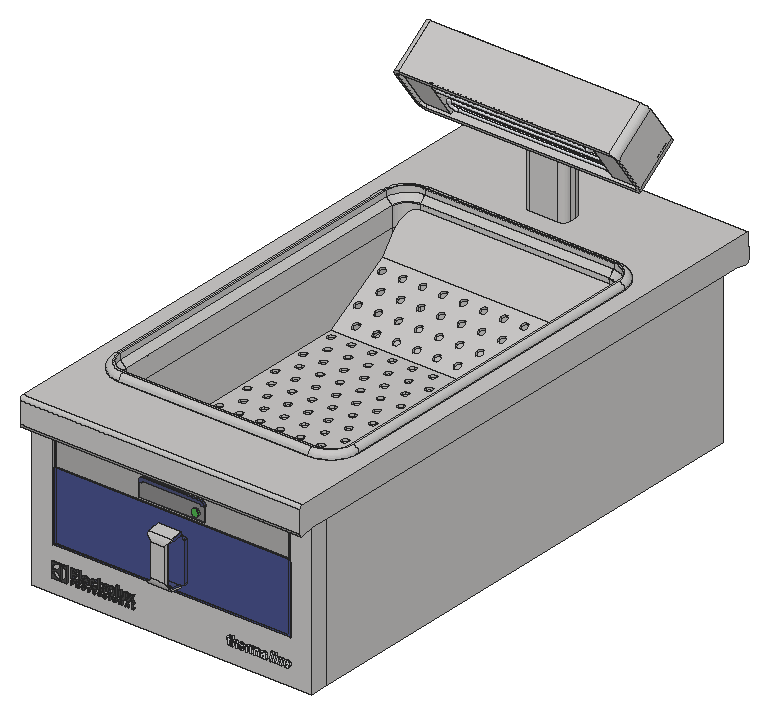
Revit family "QF_ELECTROLUXPROFESSIONAL_588094_MAYAAADOBO", category Attrezzature speciali, Revit 2020 (continued)
Lines and regions (mm)
  symbolic lines
    curve 366: circle (98.5, -488.15, 0) r 5 normal (0, 0, 1)
    curve 367: circle (127.5, -488.15, 0) r 5 normal (0, 0, 1)
    curve 368: circle (156.5, -488.15, 0) r 5 normal (0, 0, 1)
    curve 369: circle (185.5, -488.15, 0) r 5 normal (0, 0, 1)
    curve 370: circle (330.5, -488.15, 0) r 5 normal (0, 0, -1)
    curve 371: circle (301.5, -488.15, 0) r 5 normal (0, 0, -1)
    curve 372: circle (272.5, -488.15, 0) r 5 normal (0, 0, -1)
    curve 373: circle (243.5, -488.15, 0) r 5 normal (0, 0, -1)
    curve 374: circle (214.5, -488.15, 0) r 5 normal (0, 0, -1)
    curve 375: circle (55, -513.15, 0) r 5 normal (0, 0, 1)
    curve 376: circle (84, -513.15, 0) r 5 normal (0, 0, 1)
    curve 377: circle (113, -513.15, 0) r 5 normal (0, 0, 1)
    curve 378: circle (142, -513.15, 0) r 5 normal (0, 0, 1)
    curve 379: circle (171, -513.15, 0) r 5 normal (0, 0, 1)
    curve 380: circle (200, -513.15, 0) r 5 normal (0, 0, 1)
    curve 381: circle (345, -513.15, 0) r 5 normal (0, 0, -1)
    curve 382: circle (316, -513.15, 0) r 5 normal (0, 0, -1)
    curve 383: circle (287, -513.15, 0) r 5 normal (0, 0, -1)
    curve 384: circle (258, -513.15, 0) r 5 normal (0, 0, -1)
    curve 385: circle (229, -513.15, 0) r 5 normal (0, 0, -1)
    curve 386: circle (69.5, -538.15, 0) r 5 normal (0, 0, 1)
    curve 387: circle (98.5, -538.15, 0) r 5 normal (0, 0, 1)
    curve 388: circle (127.5, -538.15, 0) r 5 normal (0, 0, 1)
    curve 389: circle (156.5, -538.15, 0) r 5 normal (0, 0, 1)
    curve 390: circle (185.5, -538.15, 0) r 5 normal (0, 0, 1)
    curve 391: circle (330.5, -538.15, 0) r 5 normal (0, 0, -1)
    curve 392: circle (301.5, -538.15, 0) r 5 normal (0, 0, -1)
    curve 393: circle (272.5, -538.15, 0) r 5 normal (0, 0, -1)
    curve 394: circle (243.5, -538.15, 0) r 5 normal (0, 0, -1)
    curve 395: circle (214.5, -538.15, 0) r 5 normal (0, 0, -1)
Dimensions and locks
  plane 3 "LEFT" to plane 4 "RIGHT" = 400 mm
  plane 5 "FRONT" to plane 1 "BACK" = 800 mm
  plane 3 "LEFT" to plane 7 "Center (Left/Right)" to plane 4 "RIGHT" = 200 mm, 200 mm
  equal spacing: plane 5 "FRONT", plane 8, plane 1 "BACK"
  plane 6 "TOP" to level = 900 mm  (x2)
  plane 1 "BACK" to plane 9 = 150 mm
  plane 12 to plane 6 "TOP" = 38 mm
  plane 10 to plane 1 "BACK" = 65 mm
  locked: plane 5 "FRONT" to plane 11 at 60
  locked: plane 6 "TOP" to plane 13 "BaseTop" at 250
  locked: plane 14 to plane 5 "FRONT" at 45
  plane 15 "Camino" to plane 1 "BACK" = 50 mm
  plane 16 "EIx" to plane 4 "RIGHT" = 45 mm
  plane 17 to plane 6 "TOP" = 204 mm
  plane 22 to plane 1 "BACK" = 585 mm
  aligned and locked: level to plane 2
  aligned and locked: cut or joined group of Extrusion 2, Extrusion 3, Extrusion 6, Extrusion 7 to plane 3 "LEFT"
  aligned and locked: cut or joined group of Extrusion 2, Extrusion 3, Extrusion 6, Extrusion 7 to plane 4 "RIGHT"
  aligned and locked: nested 1 to plane 14
  aligned and locked: Extrusion 1 to plane 14
  aligned and locked: plane 3 "LEFT" to nested 1
Automatic sketch dimensions
  Extrusion 2 sketch curve to plane 5 "FRONT" = 0 mm
  Extrusion 2 sketch curve to plane 6 "TOP" = 0 mm
  Extrusion 2 sketch curve to plane 1 "BACK" = 0 mm
  Extrusion 2 sketch curve to Extrusion 2 sketch curve = 4 mm
  Extrusion 2 sketch curve to Extrusion 2 sketch curve = 0.695 mm
  Extrusion 2 sketch curve to plane 5 "FRONT" = 5 mm
  Extrusion 2 sketch curve to Extrusion 2 sketch curve = 15.305 mm
  plane 1 "BACK" to Extrusion 2 sketch curve = 20 mm
  plane 1 "BACK" to Extrusion 2 sketch curve = 4.695 mm
  plane 1 "BACK" to Extrusion 2 sketch curve = 4 mm
  Extrusion 2 sketch curve to Extrusion 2 sketch curve = 31 mm
  Extrusion 2 sketch curve to Extrusion 2 sketch curve = 36 mm
  Extrusion 2 sketch curve to Extrusion 2 sketch curve = 2.909 mm
  plane 20 "Serpentine" to Extrusion 21 sketch curve = 0 mm  (x4)
  Extrusion 21 sketch curve to plane 17 = 11.852 mm
  Extrusion 21 sketch curve to plane 17 = 18.405 mm
  Extrusion 21 sketch curve to plane 17 = 11.154 mm
  Extrusion 21 sketch curve to Extrusion 21 sketch curve = 3.381 mm  (x2)
  Extrusion 21 sketch curve to plane 17 = 28.235 mm
  Extrusion 21 sketch curve to plane 17 = 34.788 mm
  Extrusion 21 sketch curve to Extrusion 21 sketch curve = 7.25 mm
  plane 20 "Serpentine" to Extrusion 22 sketch curve = 0 mm  (x4)
  Extrusion 22 sketch curve to plane 17 = 11.852 mm
  Extrusion 22 sketch curve to plane 17 = 18.405 mm
  Extrusion 22 sketch curve to plane 17 = 11.154 mm
  Extrusion 22 sketch curve to Extrusion 22 sketch curve = 3.381 mm  (x2)
  Extrusion 22 sketch curve to plane 17 = 28.235 mm
  Extrusion 22 sketch curve to plane 17 = 34.788 mm
  Extrusion 22 sketch curve to Extrusion 22 sketch curve = 7.25 mm
  plane 20 "Serpentine" to Extrusion 23 sketch curve = 0 mm  (x4)
  Extrusion 23 sketch curve to plane 17 = 11.852 mm
  Extrusion 23 sketch curve to plane 17 = 18.405 mm
  Extrusion 23 sketch curve to plane 17 = 11.154 mm
  Extrusion 23 sketch curve to Extrusion 23 sketch curve = 3.381 mm  (x2)
  Extrusion 23 sketch curve to plane 17 = 28.235 mm
  Extrusion 23 sketch curve to plane 17 = 34.788 mm
  Extrusion 23 sketch curve to Extrusion 23 sketch curve = 7.25 mm
  curve 42 to curve 51 = 0 mm  (x2)
  curve 58 to curve 59 = 0 mm  (x2)
  curve 36 to curve 35 = 9.723 mm
  plane 10 to curve 7 = 21.455 mm
  curve 35 to curve 37 = 8.167 mm
  curve 37 to curve 32 = 7.111 mm
  curve 7 to curve 5 = 10 mm
  curve 8 to curve 9 = 10 mm
  curve 31 to curve 57 = 4.028 mm
  curve 37 to curve 48 = 22.111 mm
  curve 57 to curve 59 = 0.972 mm
  curve 50 to curve 38 = 0.067 mm
  curve 8 to curve 14 = 28 mm
  curve 13 to plane 7 "Center (Left/Right)" = 46 mm
  curve 13 to curve 19 = 8 mm
  plane 7 "Center (Left/Right)" to curve 22 = 38 mm
  curve 23 to curve 28 = 8 mm
  curve 30 to plane 16 "EIx" = 33 mm
  curve 55 to plane 16 "EIx" = 20.001 mm
  curve 49 to plane 16 "EIx" = 20 mm
  curve 55 to curve 54 = 0.001 mm
  curve 42 to curve 40 = 0.11 mm
  curve 54 to curve 56 = 0.972 mm
  curve 5 to plane 16 "EIx" = 5 mm
  curve 9 to plane 16 "EIx" = 5 mm
  curve 32 to plane 16 "EIx" = 5 mm
  plane 16 "EIx" to curve 45 = 1.886 mm
  plane 16 "EIx" to curve 11 = 5 mm
  curve 45 to curve 44 = 8.391 mm
  curve 42 to curve 40 = 7.998 mm
  curve 45 to plane 9 = 41.314 mm
  curve 58 to plane 9 = 40 mm
  curve 36 to curve 58 = 0 mm
  curve 55 to curve 56 = 1.314 mm
  curve 55 to curve 44 = 1.314 mm
  curve 59 to curve 32 = 3.186 mm
  curve 7 to curve 58 = 8.158 mm
  curve 11 to curve 54 = 8.158 mm
  plane 9 to curve 9 = 20.527 mm
  curve 9 to curve 11 = 5.736 mm
  plane 9 to curve 24 = 28.825 mm
  curve 10 to curve 28 = 2.563 mm
  plane 9 to curve 13 = 28.825 mm
  curve 28 to curve 30 = 19.441 mm
  curve 13 to curve 14 = 19.441 mm
  curve 17 to curve 22 = 0 mm
  plane 10 to curve 34 = 21.455 mm
  curve 6 to curve 5 = 5.736 mm
  curve 37 to curve 59 = 0.115 mm
  plane 16 "EIx" to curve 55 = 1.045 mm
  curve 37 to curve 59 = 0 mm
  curve 8 to curve 8 = 5.736 mm
  curve 23 to curve 20 = 7.97 mm
  curve 13 to curve 15 = 7.97 mm
  curve 25 to curve 29 = 7.97 mm
  curve 20 to curve 21 = 3.502 mm
  curve 29 to curve 26 = 3.502 mm
  curve 15 to curve 16 = 3.502 mm
  Extrusion 1 sketch curve to plane 4 "RIGHT" = 0 mm
  Extrusion 1 sketch curve to plane 3 "LEFT" = 0 mm
  Extrusion 1 sketch curve to plane 14 = 0 mm
  Extrusion 1 sketch curve to plane 15 "Camino" = 5 mm
  plane 1 "BACK" to curve 1 = 0 mm
  curve 1 to plane 4 "RIGHT" = 0 mm
  curve 3 to plane 3 "LEFT" = 0 mm
  plane 5 "FRONT" to curve 3 = 0 mm
  plane 16 "EIx" to Extrusion 3 sketch curve = 2.043 mm
  Extrusion 3 sketch curve to plane 16 "EIx" = 20 mm  (x2)
  Extrusion 3 sketch curve to plane 9 = 17.957 mm
  plane 3 "LEFT" to Extrusion 3 sketch curve = 65 mm  (x2)
  Extrusion 3 sketch curve to Extrusion 3 sketch curve = 22.043 mm
  Extrusion 4 sketch curve to plane 16 "EIx" = 0 mm
  Sweep 5 sketch curve to plane 9 = 0 mm
  plane 16 "EIx" to Sweep 5 sketch curve = 20 mm
  Sweep 5 sketch curve to plane 16 "EIx" = 20 mm  (x2)
  plane 3 "LEFT" to Sweep 5 sketch curve = 65 mm  (x2)
  plane 3 "LEFT" to Sweep 5 sketch curve = 25 mm
  Sweep 5 sketch curve to plane 6 "TOP" = 0 mm  (x2)
  profile plane to Sweep 5 sketch curve = 0 mm
  plane 6 "TOP" to Sweep 5 sketch curve = 8 mm
  Sweep 5 sketch curve to Sweep 5 sketch curve = 1.723 mm
  Sweep 5 sketch curve to Sweep 5 sketch curve = 8.282 mm
  Sweep 5 sketch curve to plane 6 "TOP" = 8.282 mm
  plane 16 "EIx" to Extrusion 6 sketch curve = 2.043 mm
  Extrusion 6 sketch curve to plane 16 "EIx" = 20 mm  (x2)
  plane 3 "LEFT" to Extrusion 6 sketch curve = 65 mm  (x2)
  Extrusion 6 sketch curve to plane 9 = 17.957 mm
  Extrusion 6 sketch curve to Extrusion 6 sketch curve = 22.043 mm
  plane 16 "EIx" to Extrusion 7 sketch curve = 12 mm
  Extrusion 7 sketch curve to plane 9 = 8 mm
  Extrusion 7 sketch curve to plane 16 "EIx" = 20 mm  (x2)
  plane 3 "LEFT" to Extrusion 7 sketch curve = 65 mm  (x2)
  Extrusion 7 sketch curve to Extrusion 7 sketch curve = 32 mm
  Extrusion 8 sketch curve to plane 18 "Fondo" = 0 mm
  Extrusion 8 sketch curve to plane 19 "Angle1" = 0 mm  (x2)
  Extrusion 8 sketch curve to plane 18 "Fondo" = 2 mm
  Extrusion 8 sketch curve to Extrusion 8 sketch curve = 0.536 mm  (x2)
  Extrusion 8 sketch curve to Extrusion 8 sketch curve = 1.337 mm  (x2)
  Extrusion 8 sketch curve to plane 6 "TOP" = 8.282 mm
  plane 18 "Fondo" to Extrusion 8 sketch curve = 53.072 mm
  Extrusion 8 sketch curve to plane 9 = 17.957 mm
  plane 18 "Fondo" to Extrusion 8 sketch curve = 51.337 mm
  Extrusion 8 sketch curve to Extrusion 8 sketch curve = 1.538 mm  (x2)
  Extrusion 8 sketch curve to plane 6 "TOP" = 18.171 mm
  Extrusion 8 sketch curve to Extrusion 8 sketch curve = 3.249 mm  (x2)
  Extrusion 9 sketch curve to plane 7 "Center (Left/Right)" = 0 mm  (x5)
  plane 7 "Center (Left/Right)" to Extrusion 9 sketch curve = 14.5 mm  (x5)
  Extrusion 9 sketch curve to plane 8 = 13.15 mm  (x11)
  Extrusion 9 sketch curve to Extrusion 9 sketch curve = 14.5 mm  (x80)
  Extrusion 9 sketch curve to plane 8 = 38.15 mm  (x10)
  Extrusion 9 sketch curve to plane 16 "EIx" = 24.5 mm  (x5)
  Extrusion 9 sketch curve to plane 16 "EIx" = 10 mm  (x5)
  Extrusion 9 sketch curve to plane 7 "Center (Left/Right)" = 14.5 mm  (x5)
  Extrusion 9 sketch curve to Extrusion 9 sketch curve = 25 mm  (x84)
  Extrusion 10 sketch curve to plane 7 "Center (Left/Right)" = 0 mm  (x2)
  plane 7 "Center (Left/Right)" to Extrusion 10 sketch curve = 14.5 mm  (x2)
  Extrusion 10 sketch curve to Extrusion 10 sketch curve = 14.5 mm  (x32)
  Extrusion 10 sketch curve to plane 16 "EIx" = 24.5 mm  (x2)
  Extrusion 10 sketch curve to plane 16 "EIx" = 10 mm  (x2)
  Extrusion 10 sketch curve to plane 7 "Center (Left/Right)" = 14.5 mm  (x2)
  Extrusion 10 sketch curve to Extrusion 10 sketch curve = 0 mm  (x10)
  Extrusion 10 sketch curve to Extrusion 10 sketch curve = 25 mm  (x31)
  Extrusion 11 sketch curve to plane 7 "Center (Left/Right)" = 0 mm  (x2)
  plane 7 "Center (Left/Right)" to Extrusion 11 sketch curve = 14.5 mm  (x2)
  Extrusion 11 sketch curve to Extrusion 11 sketch curve = 14.5 mm  (x32)
  Extrusion 11 sketch curve to plane 16 "EIx" = 24.5 mm  (x2)
  Extrusion 11 sketch curve to plane 16 "EIx" = 10 mm  (x2)
  Extrusion 11 sketch curve to plane 7 "Center (Left/Right)" = 14.5 mm  (x2)
  Extrusion 11 sketch curve to Extrusion 11 sketch curve = 0 mm  (x9)
  Extrusion 11 sketch curve to Extrusion 11 sketch curve = 25 mm  (x32)
  plane 7 "Center (Left/Right)" to Extrusion 12 sketch curve = 30 mm
  Extrusion 12 sketch curve to Extrusion 12 sketch curve = 10 mm  (x4)
  Extrusion 12 sketch curve to plane 7 "Center (Left/Right)" = 20 mm
  Extrusion 12 sketch curve to Extrusion 12 sketch curve = 0 mm
  plane 10 to Extrusion 12 sketch curve = 19.995 mm
  Extrusion 13 sketch curve to Extrusion 13 sketch curve = 0 mm  (x8)
  plane 21 "Serpentine90" to Extrusion 13 sketch curve = 0 mm
  Extrusion 13 sketch curve to plane 21 "Serpentine90" = 4 mm
  Extrusion 13 sketch curve to Extrusion 13 sketch curve = 6 mm  (x3)
  plane 3 "LEFT" to Extrusion 13 sketch curve = 50 mm
  Extrusion 13 sketch curve to Extrusion 13 sketch curve = 65 mm  (x2)
  Extrusion 13 sketch curve to plane 16 "EIx" = 5 mm
  Extrusion 14 sketch curve to plane 16 "EIx" = 39 mm
  Extrusion 14 sketch curve to plane 21 "Serpentine90" = 81 mm  (x2)
  Extrusion 14 sketch curve to Extrusion 14 sketch curve = 6 mm  (x2)
  Extrusion 14 sketch curve to plane 21 "Serpentine90" = 10 mm  (x2)
  Extrusion 14 sketch curve to plane 21 "Serpentine90" = 4 mm  (x2)
  plane 3 "LEFT" to Extrusion 14 sketch curve = 84 mm
  Extrusion 14 sketch curve to Extrusion 14 sketch curve = 34 mm
  Extrusion 14 sketch curve to plane 16 "EIx" = 5 mm
  plane 21 "Serpentine90" to Extrusion 15 sketch curve = 0 mm  (x2)
  plane 9 to Extrusion 15 sketch curve = 33.669 mm
  plane 10 to Extrusion 15 sketch curve = 19.377 mm
  Extrusion 16 sketch curve to Extrusion 16 sketch curve = 0 mm  (x8)
  plane 21 "Serpentine90" to Extrusion 16 sketch curve = 0 mm
  Extrusion 16 sketch curve to plane 21 "Serpentine90" = 4 mm
  Extrusion 16 sketch curve to Extrusion 16 sketch curve = 6 mm  (x3)
  plane 3 "LEFT" to Extrusion 16 sketch curve = 50 mm
  Extrusion 16 sketch curve to Extrusion 16 sketch curve = 65 mm  (x2)
  Extrusion 16 sketch curve to plane 16 "EIx" = 5 mm
  plane 3 "LEFT" to Extrusion 17 sketch curve = 50 mm
  Extrusion 17 sketch curve to plane 21 "Serpentine90" = 81 mm
  Extrusion 17 sketch curve to Extrusion 17 sketch curve = 6 mm  (x2)
  plane 16 "EIx" to Extrusion 17 sketch curve = 1 mm
  Extrusion 17 sketch curve to plane 21 "Serpentine90" = 10 mm  (x2)
  Extrusion 17 sketch curve to plane 21 "Serpentine90" = 4 mm
  Extrusion 18 sketch curve to Extrusion 18 sketch curve = 0 mm  (x8)
  plane 21 "Serpentine90" to Extrusion 18 sketch curve = 0 mm
  Extrusion 18 sketch curve to plane 21 "Serpentine90" = 4 mm
  Extrusion 18 sketch curve to Extrusion 18 sketch curve = 6 mm  (x3)
  plane 3 "LEFT" to Extrusion 18 sketch curve = 50 mm
  Extrusion 18 sketch curve to Extrusion 18 sketch curve = 65 mm  (x2)
  Extrusion 18 sketch curve to plane 16 "EIx" = 5 mm
  Sweep 19 sketch curve to plane 21 "Serpentine90" = 72.123 mm
  Sweep 19 sketch curve to Sweep 19 sketch curve = 10 mm
  Sweep 19 sketch curve to plane 16 "EIx" = 56 mm
  plane 3 "LEFT" to Sweep 19 sketch curve = 84 mm
  Sweep 19 sketch curve to Sweep 19 sketch curve = 0 mm
  profile plane to Sweep 19 sketch curve = 0 mm
  plane 20 "Serpentine" to Sweep 19 sketch curve = 61.931 mm
  Sweep 20 sketch curve to plane 21 "Serpentine90" = 37.123 mm
  Sweep 20 sketch curve to Sweep 20 sketch curve = 10 mm
  Sweep 20 sketch curve to plane 7 "Center (Left/Right)" = 99 mm
  Sweep 20 sketch curve to plane 16 "EIx" = 39 mm
  Sweep 20 sketch curve to Sweep 20 sketch curve = 0 mm
  Sweep 20 sketch curve to profile plane = 0 mm
  profile plane to Sweep 20 sketch curve = 59.479 mm
  curve 36 to curve 31 = 15 mm
  curve 53 to curve 37 = 17.82 mm
  curve 39 to curve 50 = 0 mm  (x2)
  plane 3 "LEFT" to curve 36 = 25 mm
  curve 52 to curve 53 = 91.924 mm
  curve 35 to plane 11 = 75 mm
  curve 42 to curve 47 = 114.744 mm
  curve 41 to curve 46 = 23.666 mm
  Extrusion 3 sketch curve to plane 11 = 75 mm
  Extrusion 4 sketch curve to plane 11 = 155 mm
  Sweep 5 sketch curve to plane 11 = 75 mm
  Extrusion 6 sketch curve to plane 11 = 75 mm
  Extrusion 7 sketch curve to plane 11 = 75 mm
  Extrusion 8 sketch curve to plane 8 = 150.256 mm
  Extrusion 8 sketch curve to plane 11 = 98.163 mm
  Extrusion 8 sketch curve to plane 11 = 52.957 mm
  radius of Extrusion 4 sketch curve = 10.1 mm
  radius of Extrusion 9 sketch curve = 5 mm  (x105)
  radius of Extrusion 10 sketch curve = 5 mm  (x42)
  radius of Extrusion 11 sketch curve = 5 mm  (x42)
  radius of Sweep 19 sketch curve = 2.5 mm
  radius of Sweep 20 sketch curve = 2.5 mm
Nested families
  nested 1: "Front_Panel_W400_1 Knob_Spie" at (102.376, -755, 0), type "Front_Panel_W400_1 Knob_Spie"
Connectors
  electrical at (355, -585, 640), driven by "Volts"
    settings: on Extrusion 4, index 1, voltage 230 V, apparent load 0 VA, apparent load phase1 0 VA, apparent load phase2 0 VA, apparent load phase3 0 VA, power factor 1, load classification "Other", number of poles 1, system type 30, power factor state 1, is connector primary yes, connector utility no, sub classification motor no, connector description "Electrical Connection"
Definition of nested family "Front_Panel_W400_1 Knob_Spie"
  Parameters
    Width = 400 mm
    Default Elevation = 0 mm
  Reference planes
    plane 1 "Center (Front/Back)": y = 0
    plane 2: z = 0
    plane 3 "Center (Left/Right)": x = 97.624
    plane 4 "Left": x = -102.376
    plane 5 "Right": x = 297.624
    plane 6: y = -45
    plane 7: y = -25
    plane 8: x = 267.624
    plane 9: x = -72.376
  Forms (mm)
    Extrusion 1, solid
      sketch origin (833.217, 829.203, -1.25) x (0, 1, 0) y (0, 0, 1)
        loop
          line (-854.203, 651.25) -> (-829.203, 651.25) -> (-829.203, 864.25) -> (-854.203, 864.25) -> (-854.203, 651.25)
      from -935.593 to -535.593
    Extrusion 2, void
      sketch origin (0, 0, 0) x (1, 0, 0) y (0, 0, 1)
        loop
          line (-72.376, 853.866) -> (-72.376, 711.866) -> (267.624, 711.866) -> (267.624, 853.866) -> (-72.376, 853.866)
      from 19.387 to 33.951
    Extrusion 3, solid
      sketch origin (145, -25, 1.199) x (0, 0, 1) y (-1, 0, 0)
        loop
          circle (824.337, 12.376) r 5
      from 0 to 1.7
  Cuts and joins
    Extrusion 2 cuts Extrusion 1
  Dimensions and locks
    equal spacing: plane 5 "Right", plane 3 "Center (Left/Right)", plane 4 "Left"
    "Width": plane 5 "Right" to plane 4 "Left"
    aligned and locked: cut or joined group of Extrusion 1, Extrusion 2 to plane 4 "Left"
    aligned and locked: plane 5 "Right" to cut or joined group of Extrusion 1, Extrusion 2
    aligned and locked: plane 9 to nested 1
    aligned and locked: plane 8 to nested 1
    aligned and locked: nested 4 to plane 9
    aligned and locked: cut or joined group of Extrusion 1, Extrusion 2 to plane 9
    aligned and locked: plane 8 to cut or joined group of Extrusion 1, Extrusion 2
  Automatic sketch dimensions
    level to Extrusion 2 sketch curve = 711.866 mm
    Extrusion 2 sketch curve to Extrusion 2 sketch curve = 142 mm
    Extrusion 1 sketch curve to plane 7 = 0 mm
    Extrusion 1 sketch curve to plane 1 "Center (Front/Back)" = 0 mm
    level to Extrusion 1 sketch curve = 650 mm
    Extrusion 1 sketch curve to Extrusion 1 sketch curve = 213 mm
    Extrusion 2 sketch curve to plane 5 "Right" = 30 mm
    Extrusion 2 sketch curve to plane 3 "Center (Left/Right)" = 170 mm
    plane 3 "Center (Left/Right)" to Extrusion 3 sketch curve = 35 mm
    level to Extrusion 3 sketch curve = 825.536 mm
    radius of Extrusion 3 sketch curve = 5 mm
  Nested families
    nested 1: "Front glass control panel W340_1 Knob" at (97.624, 280.644, 2.752), type "Front glass control panel W340_1 Knob"
    nested 2: "Range Control Handle" at (97.624, -28.137, -209.113) x (-1, 0, 0) z (0, 0, 1), type ""
    nested 3: "ELX_ThermaLine_Small" at (219.031, -25, 679.426) x (1, 0, 0) z (0, -1, 0), type "ELX_ThermaLine_Small"
      with Show Logo yes, Material_Logo none
    nested 4: "ELX_Professional_Logo_Small" at (-12.89, -25, 681.659) x (1, 0, 0) z (0, -1, 0), type "ELX_Professional_Logo_Small"
      with Show Logo yes, Material_Logo none
  Definition of nested family "Front glass control panel W340_1 Knob"
    Parameters
      Default Elevation = 0 mm
    Reference planes
      plane 1 "Center (Front/Back)": y = 0
      plane 2: z = 0
      plane 3 "Center (Left/Right)": x = 0
    Forms (mm)
      Extrusion 1, solid
        sketch origin (378.286, 0, 0.617) x (1, 0, 0) y (0, 0, 1)
          loop
            line (-548.286, 806.791) -> (-548.286, 708.497) -> (-208.286, 708.497) -> (-208.286, 806.791) -> (-548.286, 806.791)
        from 300.031 to 304.8
      Extrusion 2, solid
        sketch origin (378.286, 0, 0.617) x (1, 0, 0) y (0, 0, 1)
          loop
            line (-548.286, 850.497) -> (-548.286, 806.791) -> (-208.286, 806.791) -> (-208.286, 850.497) -> (-548.286, 850.497)
        from 300.031 to 304.8
      Extrusion 3, void
        sketch origin (378.286, 0, 0.617) x (1, 0, 0) y (0, 0, 1)
          loop
            line (-545.628, 847.565) -> (-545.628, 710.699) -> (-211.196, 710.699) -> (-211.196, 847.565) -> (-545.628, 847.565)
        from 303.697 to 304.8
      Extrusion 4, solid
        sketch origin (308.309, 1.101, -0.633) x (1, 0, 0) y (0, 0, 1)
          loop
            line (-261.431, 812.62) -> (-261.431, 834.177) -> (-266.24, 834.177) -> (-268.039, 835.977) -> (-348.469, 835.977) -> (-350.269, 834.177) -> (-355.186, 834.177) -> (-355.186, 812.62) -> (-261.431, 812.62)
        from 304.798 to 306.745
      Extrusion 5, solid
        sketch origin (308.309, 1.101, -0.633) x (1, 0, 0) y (0, 0, 1)
          loop
            line (-350.269, 834.177) -> (-348.469, 835.977) -> (-268.039, 835.977) -> (-266.24, 834.177) -> (-261.529, 834.177)
            arc (-261.529, 834.177) -> (-262.706, 838.752) -> (-266.98, 840.763) r 5.549
            line (-266.98, 840.763) -> (-349.686, 840.763)
            arc (-349.686, 840.763) -> (-353.942, 838.747) -> (-355.078, 834.177) r 5.5
            line (-355.078, 834.177) -> (-350.269, 834.177)
        from 304.798 to 306.745
    Cuts and joins
      Extrusion 3 cuts Extrusion 1
      Extrusion 3 cuts Extrusion 2
    Dimensions and locks
      equal spacing: cut or joined group of Extrusion 2, Extrusion 3, plane 3 "Center (Left/Right)", cut or joined group of Extrusion 2, Extrusion 3
      cut or joined group of Extrusion 2, Extrusion 3 to cut or joined group of Extrusion 2, Extrusion 3 = 340 mm
      aligned and locked: Extrusion 1 to Extrusion 2
      aligned and locked: Extrusion 5 to Extrusion 4
    Automatic sketch dimensions
      Extrusion 1 sketch curve to plane 3 "Center (Left/Right)" = 170 mm
      plane 3 "Center (Left/Right)" to Extrusion 1 sketch curve = 170 mm
      level to Extrusion 1 sketch curve = 709.114 mm
      Extrusion 1 sketch curve to Extrusion 1 sketch curve = 98.294 mm
      Extrusion 2 sketch curve to plane 3 "Center (Left/Right)" = 170 mm
      plane 3 "Center (Left/Right)" to Extrusion 2 sketch curve = 170 mm
      level to Extrusion 2 sketch curve = 807.408 mm
      Extrusion 2 sketch curve to Extrusion 2 sketch curve = 43.706 mm
      Extrusion 3 sketch curve to plane 3 "Center (Left/Right)" = 167.342 mm
      plane 3 "Center (Left/Right)" to Extrusion 3 sketch curve = 167.091 mm
      level to Extrusion 3 sketch curve = 711.316 mm
      Extrusion 3 sketch curve to Extrusion 3 sketch curve = 136.866 mm
      Extrusion 4 sketch curve to plane 3 "Center (Left/Right)" = 46.877 mm
      Extrusion 4 sketch curve to Extrusion 4 sketch curve = 4.917 mm
      Extrusion 4 sketch curve to Extrusion 4 sketch curve = 1.8 mm  (x3)
      plane 3 "Center (Left/Right)" to Extrusion 4 sketch curve = 40.269 mm
      Extrusion 4 sketch curve to Extrusion 4 sketch curve = 4.809 mm
      level to Extrusion 4 sketch curve = 811.987 mm
      Extrusion 4 sketch curve to Extrusion 4 sketch curve = 21.557 mm  (x2)
      Extrusion 5 sketch curve to plane 3 "Center (Left/Right)" = 46.769 mm
      Extrusion 5 sketch curve to Extrusion 5 sketch curve = 4.809 mm
      Extrusion 5 sketch curve to Extrusion 5 sketch curve = 0.583 mm
      Extrusion 5 sketch curve to Extrusion 5 sketch curve = 1.217 mm
      plane 3 "Center (Left/Right)" to Extrusion 5 sketch curve = 40.269 mm
      Extrusion 5 sketch curve to Extrusion 5 sketch curve = 1.059 mm
      Extrusion 5 sketch curve to Extrusion 5 sketch curve = 0.741 mm
      Extrusion 5 sketch curve to Extrusion 5 sketch curve = 4.711 mm
      level to Extrusion 5 sketch curve = 833.543 mm
      Extrusion 5 sketch curve to Extrusion 5 sketch curve = 0 mm
      Extrusion 5 sketch curve to Extrusion 5 sketch curve = 1.037 mm
      Extrusion 5 sketch curve to Extrusion 5 sketch curve = 0.714 mm
  Definition of nested family "Range Control Handle"
    Parameters
      Default Elevation = 0 mm
    Reference planes
      plane 1 "Center (Front/Back)": y = 0
      plane 2: z = 0
      plane 3 "Center (Left/Right)": x = 0
      plane 4: z = 971.092
      plane 5: y = -16.9
    Forms (mm)
      Extrusion 1, solid
        sketch origin (-746.28, 380.497, 208.931) x (-1, 0, 0) y (0, 0, 1)
          loop
            line (-770.101, 786.798) -> (-770.101, 731.649)
            arc (-770.101, 731.649) -> (-769.759, 730.563) -> (-768.855, 729.87) r 1.893
            line (-768.855, 729.87) -> (-763.474, 727.911) -> (-729.81, 727.911) -> (-724.428, 729.87)
            arc (-724.428, 729.87) -> (-723.525, 730.563) -> (-723.183, 731.649) r 1.893
            line (-723.183, 731.649) -> (-723.183, 786.798)
            arc (-723.183, 786.798) -> (-723.529, 787.894) -> (-724.44, 788.593) r 1.91
            line (-724.44, 788.593) -> (-729.683, 790.819) -> (-763.601, 790.819) -> (-768.844, 788.593)
            arc (-768.844, 788.593) -> (-769.755, 787.894) -> (-770.101, 786.798) r 1.91
        from -382.35 to -378.852
      Sweep 2, solid
        path origin (-746.788, 380.496, 208.091) x (0, -1, 0) y (0, 0, 1)
          loop
            line (379.775, 793.281) -> (395.661, 791.048)
            arc (395.661, 791.048) -> (397.781, 787.377) -> (398.517, 783.202) r 12.207
            line (398.517, 783.202) -> (398.517, 737.368)
            arc (398.517, 737.368) -> (397.781, 733.193) -> (395.661, 729.522) r 12.207
            line (395.661, 729.522) -> (379.775, 727.289)
        profile origin (-746.788, -7.222, 1000.256) x (0, -0.139173, 0.990268) y (-1, 0, 0)
          loop
            line (0.782, -763.123) -> (0.782, -730.907) -> (-1.322, -730.907) -> (-1.322, -763.123) -> (0.782, -763.123)
      Sweep 3, solid
        path origin (-746.788, 380.715, 207.832) x (0, -1, 0) y (0, 0, 1)
          loop
            line (380.478, 795.442) -> (397.218, 793.09)
            arc (397.218, 793.09) -> (399.929, 788.473) -> (400.871, 783.202) r 15.207
            line (400.871, 783.202) -> (400.871, 737.584)
            arc (400.871, 737.584) -> (399.914, 732.274) -> (397.164, 727.633) r 15.207
            line (397.164, 727.633) -> (380.601, 725.305)
        profile origin (-746.788, -8.132, 1002.099) x (0, -0.139173, 0.990268) y (-1, 0, 0)
          loop
            line (0.782, -763.123) -> (0.782, -730.907) -> (-1.322, -730.907) -> (-1.322, -763.123) -> (0.782, -763.123)
      Extrusion 4, void
        sketch origin (889.253, 220.666, 207.993) x (1, 0, 0) y (0, 0, 1)
          loop
            line (-943.038, 816.854) -> (-943.038, 703.686) -> (-899.466, 734.196) -> (-899.466, 786.344) -> (-943.038, 816.854)
        from 230.636 to 242.25
      Extrusion 5, void
        sketch origin (-888.8, 220.666, 207.993) x (-1, 0, 0) y (0, 0, -1)
          loop
            line (-943.038, -816.854) -> (-899.466, -786.344) -> (-899.466, -734.196) -> (-943.038, -703.686) -> (-943.038, -816.854)
        from 230.636 to 242.25
      Extrusion 6, solid
        sketch origin (0, 0, 0) x (1, 0, 0) y (0, 0, 1)
          loop
            circle (0, 971.092) r 7.736
        from -3.137 to -1.645
    Cuts and joins
      Extrusion 4, Extrusion 5 cuts Sweep 3
      Extrusion 4, Extrusion 5 cuts Sweep 2
      joined: Extrusion 1, Extrusion 6
    Lines and regions (mm)
      symbolic lines
        curve 1: line (16.334, -16.9, 0) -> (16.334, -19.227, 0)
        curve 2: spline (16.334, -19.227, 0) -> (15.87, -19.385, 0) -> (15.404, -19.536, 0) -> (14.936, -19.678, 0) -> (14.466, -19.813, 0) -> (13.995, -19.94, 0) -> (13.523, -20.059, 0) -> (13.049, -20.171, 0) -> (12.575, -20.274, 0) -> (12.099, -20.37, 0) -> (11.622, -20.458, 0) -> (11.144, -20.537, 0) -> (10.666, -20.609, 0)
        curve 3: line (10.666, -16.9, 0) -> (10.666, -20.938, 0)
        curve 4: line (-10.213, -20.938, 0) -> (10.666, -20.938, 0)
        curve 5: line (-10.213, -20.938, 0) -> (-10.213, -16.9, 0)
        curve 6: spline (-10.213, -20.609, 0) -> (-10.691, -20.537, 0) -> (-11.169, -20.458, 0) -> (-11.646, -20.37, 0) -> (-12.122, -20.274, 0) -> (-12.597, -20.171, 0) -> (-13.07, -20.059, 0) -> (-13.542, -19.94, 0) -> (-14.013, -19.813, 0) -> (-14.483, -19.678, 0) -> (-14.951, -19.536, 0) -> (-15.417, -19.385, 0) -> (-15.881, -19.227, 0)
        curve 7: line (-15.881, -19.227, 0) -> (-15.881, -16.9, 0)
  Definition of nested family "ELX_ThermaLine_Small"
    Parameters
      Show Logo [instance] = yes
      Material_Logo [instance] = none
      Default Elevation = 0 mm
    Reference planes
      plane 1 "Centro (Fronte/Retro)": y = 0
      plane 2: z = 0
      plane 3 "Centro (Sinistra/Destra)": x = 0
    Forms (mm)
      Extrusion 1, solid
        sketch origin (0, 0, 0) x (1, 0, 0) y (0, 1, 0)
          loop
            line (-1219.2, 1219.2) -> (-1219.2, -1219.2) -> (1219.2, -1219.2) -> (1219.2, 1219.2) -> (-1219.2, 1219.2)
        from 0 to -304.8
      Extrusion 2, solid
        sketch origin (0, 0, 0) x (1, 0, 0) y (0, 1, 0)
          loop
            line (-37.494, 1.229) -> (-35.908, 1.229) -> (-35.908, 3.066) -> (-37.494, 3.066) -> (-37.494, 6.221) -> (-39.867, 4.881) -> (-39.867, 3.066) -> (-40.969, 3.066) -> (-40.969, 1.229) -> (-39.867, 1.229) -> (-39.867, -3.407)
            arc (-39.867, -3.407) -> (-38.982, -5.513) -> (-36.751, -6.001) r 2.478
            line (-36.751, -6.001) -> (-35.638, -5.7) -> (-35.9, -3.835) -> (-36.661, -4.039)
            arc (-36.661, -4.039) -> (-37.236, -3.924) -> (-37.494, -3.399) r 0.662
            line (-37.494, -3.399) -> (-37.494, 1.229)
          loop
            line (-34.242, 6.539) -> (-34.242, -5.848) -> (-31.854, -5.848) -> (-31.854, -0.078)
            arc (-31.854, -0.078) -> (-30.939, 1.249) -> (-29.33, 1.367) r 1.866
            arc (-29.33, 1.367) -> (-28.695, 0.768) -> (-28.461, -0.073) r 1.627
            line (-28.461, -0.073) -> (-28.461, -5.848) -> (-26.086, -5.848) -> (-26.064, -0.46)
            arc (-26.064, -0.46) -> (-26.261, 0.932) -> (-26.786, 2.237) r 5.825
            arc (-26.786, 2.237) -> (-29.381, 3.264) -> (-31.854, 1.971) r 3.353
            line (-31.854, 1.971) -> (-31.854, 6.539) -> (-34.242, 6.539)
          loop
            arc (-18.398, -0.598) -> (-18.893, 0.879) -> (-20.326, 1.487) r 1.897
            arc (-20.326, 1.487) -> (-21.461, 0.708) -> (-21.897, -0.598) r 2.164
            line (-21.897, -0.598) -> (-18.398, -0.598)
          loop
            arc (-16.021, -2.044) -> (-16.754, 1.227) -> (-19.444, 3.226) r 4.814
            arc (-19.444, 3.226) -> (-22.137, 2.788) -> (-23.943, 0.743) r 4.054
            arc (-23.943, 0.743) -> (-24.382, -1.249) -> (-24.162, -3.276) r 6.289
            arc (-24.162, -3.276) -> (-23.302, -4.71) -> (-21.958, -5.705) r 4.28
            arc (-21.958, -5.705) -> (-18.558, -5.814) -> (-16.152, -3.409) r 4.28
            line (-16.152, -3.409) -> (-18.5, -2.995)
            arc (-18.5, -2.995) -> (-19.273, -3.994) -> (-20.533, -4.076) r 1.536
            arc (-20.533, -4.076) -> (-21.56, -3.281) -> (-21.958, -2.044) r 2.197
            line (-21.958, -2.044) -> (-16.021, -2.044)
          loop
            line (-14.165, -5.848) -> (-11.819, -5.848) -> (-11.819, -2.138)
            arc (-11.819, -2.138) -> (-11.787, -1.156) -> (-11.637, -0.185) r 8.18
            arc (-11.637, -0.185) -> (-10.644, 0.972) -> (-9.132, 0.776) r 1.603
            line (-9.132, 0.776) -> (-8.419, 2.846)
            arc (-8.419, 2.846) -> (-10.432, 3.118) -> (-11.994, 1.821) r 2.527
            line (-11.994, 1.821) -> (-11.994, 3.094) -> (-14.165, 3.094) -> (-14.165, -5.848)
          loop
            line (-7.579, 3.094) -> (-7.579, -5.848) -> (-5.178, -5.848) -> (-5.178, -0.756)
            arc (-5.178, -0.756) -> (-4.727, 0.679) -> (-3.417, 1.419) r 2.05
            arc (-3.417, 1.419) -> (-2.499, 0.908) -> (-2.155, -0.085) r 1.471
            line (-2.155, -0.085) -> (-2.155, -5.848) -> (0.23, -5.848) -> (0.23, -1.001)
            arc (0.23, -1.001) -> (0.47, 0.127) -> (1.148, 1.061) r 2.775
            arc (1.148, 1.061) -> (2.225, 1.329) -> (3.05, 0.587) r 1.182
            arc (3.05, 0.587) -> (3.199, -0.019) -> (3.214, -0.642) r 2.894
            line (3.214, -0.642) -> (3.214, -5.848) -> (5.601, -5.848) -> (5.601, 0.261)
            arc (5.601, 0.261) -> (4.87, 2.263) -> (2.976, 3.241) r 2.932
            arc (2.976, 3.241) -> (1.284, 2.973) -> (-0.047, 1.896) r 3.309
            arc (-0.047, 1.896) -> (-1.116, 2.865) -> (-2.506, 3.258) r 3.16
            arc (-2.506, 3.258) -> (-4.105, 2.942) -> (-5.376, 1.92) r 3.419
            line (-5.376, 1.92) -> (-5.376, 3.094) -> (-7.579, 3.094)
          loop
            line (7.583, 0.738) -> (9.702, 0.364)
            arc (9.702, 0.364) -> (11.441, 1.492) -> (12.855, -0.023) r 1.613
            line (12.855, -0.023) -> (9.782, -0.789)
            arc (9.782, -0.789) -> (8.559, -1.346) -> (7.617, -2.305) r 3.687
            arc (7.617, -2.305) -> (7.499, -3.681) -> (7.901, -5.003) r 3.651
            arc (7.901, -5.003) -> (9.107, -5.766) -> (10.515, -6.006) r 3.635
            arc (10.515, -6.006) -> (11.898, -5.697) -> (13.067, -4.895) r 3.734
            line (13.067, -4.895) -> (13.376, -5.848) -> (15.75, -5.848) -> (15.212, -4.193) -> (15.212, 0.38)
            arc (15.212, 0.38) -> (14.897, 1.849) -> (13.818, 2.895) r 2.585
            arc (13.818, 2.895) -> (11.792, 3.442) -> (9.719, 3.11) r 5.005
            arc (9.719, 3.11) -> (8.369, 2.178) -> (7.583, 0.738) r 3.54
          loop
            line (19.723, -5.848) -> (22.233, -5.848) -> (24.854, 6.484) -> (22.345, 6.484) -> (19.723, -5.848)
          loop
            line (24.583, -5.848) -> (26.953, -5.848) -> (28.848, 3.066) -> (26.478, 3.066) -> (24.583, -5.848)
          loop
            line (27.204, 6.484) -> (26.741, 4.305) -> (29.111, 4.305) -> (29.575, 6.484) -> (27.204, 6.484)
          loop
            line (29.355, -5.848) -> (31.849, -5.848) -> (33.098, 0.028)
            arc (33.098, 0.028) -> (34.169, 1.306) -> (35.832, 1.422) r 2.132
            arc (35.832, 1.422) -> (36.324, 0.752) -> (36.383, -0.078) r 1.5
            line (36.383, -0.078) -> (35.157, -5.848) -> (37.536, -5.848) -> (38.936, 0.738)
            arc (38.936, 0.738) -> (38.775, 2.091) -> (37.825, 3.066) r 2.118
            arc (37.825, 3.066) -> (35.392, 3.175) -> (33.295, 1.937) r 4.271
            line (33.295, 1.937) -> (33.535, 3.066) -> (31.25, 3.066) -> (29.355, -5.848)
          loop
            line (42.792, -0.64) -> (46.589, -0.64)
            arc (46.589, -0.64) -> (46.639, 0.124) -> (46.327, 0.823) r 1.589
            arc (46.327, 0.823) -> (45.117, 1.521) -> (43.762, 1.183) r 1.865
            arc (43.762, 1.183) -> (43.141, 0.344) -> (42.792, -0.64) r 3.538
          loop
            line (42.565, -2.138) -> (48.593, -2.138)
            arc (48.593, -2.138) -> (48.58, 0.597) -> (46.983, 2.818) r 4.494
            arc (46.983, 2.818) -> (44.191, 3.28) -> (41.725, 1.891) r 4.26
            arc (41.725, 1.891) -> (40.503, -0.3) -> (40.284, -2.799) r 6.003
            arc (40.284, -2.799) -> (40.959, -4.468) -> (42.377, -5.576) r 3.482
            arc (42.377, -5.576) -> (44.265, -5.961) -> (46.152, -5.576) r 4.823
            arc (46.152, -5.576) -> (47.432, -4.731) -> (48.328, -3.485) r 4.245
            line (48.328, -3.485) -> (46.168, -3.105)
            arc (46.168, -3.105) -> (45.214, -4.072) -> (43.859, -4.181) r 1.953
            arc (43.859, -4.181) -> (42.821, -3.408) -> (42.565, -2.138) r 1.81
          loop
            line (12.868, -1.553) -> (10.216, -2.214)
            arc (10.216, -2.214) -> (9.747, -3.136) -> (10.216, -4.058) r 1.14
            arc (10.216, -4.058) -> (11.537, -4.249) -> (12.614, -3.46) r 1.763
            arc (12.614, -3.46) -> (12.858, -2.522) -> (12.868, -1.553) r 3.97
        from 0 to 1.6
    Dimensions and locks
      aligned and locked: plane 2 to Extrusion 1
      aligned and locked: level to Extrusion 1
  Definition of nested family "ELX_Professional_Logo_Small"
    Parameters
      Show Logo [instance] = yes
      Material_Logo [instance] = none
      Default Elevation = 0 mm
    Reference planes
      plane 1 "Centro (Fronte/Retro)": y = 0
      plane 2: z = 0
      plane 3 "Centro (Sinistra/Destra)": x = 0
    Forms (mm)
      Extrusion 1, solid
        sketch origin (0, 0, 0) x (1, 0, 0) y (0, 1, 0)
          loop
            line (-1219.2, 1219.2) -> (-1219.2, -1219.2) -> (1219.2, -1219.2) -> (1219.2, 1219.2) -> (-1219.2, 1219.2)
        from 0 to -304.8
      Extrusion 2, solid, material <- "Material_Logo"
        sketch origin (15.5, 0, 0) x (1, 0, 0) y (0, 1, 0)
          loop
            spline (-42.99, -1.24) -> (-43.195, -1.231) -> (-43.415, -1.203) -> (-43.642, -1.152) -> (-43.87, -1.074) -> (-44.095, -0.966) -> (-44.309, -0.825) -> (-44.506, -0.647) -> (-44.681, -0.429) -> (-44.828, -0.167) -> (-44.94, 0.142) -> (-45.011, 0.501) -> (-45.037, 0.915)
            line (-45.037, 0.915) -> (-45.037, 2.748) -> (-38.984, 2.748) -> (-38.984, 5.086) -> (-45.038, 5.086) -> (-45.038, 8.489) -> (-38.599, 8.489) -> (-38.599, 10.82) -> (-47.515, 10.82) -> (-47.515, 1.021)
            spline (-47.515, 1.021) -> (-47.493, 0.418) -> (-47.425, -0.15) -> (-47.311, -0.682) -> (-47.15, -1.175) -> (-46.939, -1.628) -> (-46.678, -2.038) -> (-46.365, -2.404) -> (-46, -2.723) -> (-45.58, -2.995) -> (-45.105, -3.216) -> (-44.573, -3.385) -> (-43.983, -3.499)
            line (-43.983, -3.499) -> (-43.01, -3.569) -> (-38.426, -3.569) -> (-38.426, -1.24) -> (-42.99, -1.24)
          loop
            line (-36.666, 4.021) -> (-36.666, -3.573) -> (-34.188, -3.573) -> (-34.188, 10.824) -> (-36.666, 10.824) -> (-36.666, 4.021)
          loop
            spline (-21.915, 1.897) -> (-21.957, 2.615) -> (-22.082, 3.303) -> (-22.285, 3.955) -> (-22.563, 4.564) -> (-22.913, 5.124) -> (-23.331, 5.629) -> (-23.814, 6.074) -> (-24.359, 6.451) -> (-24.961, 6.755) -> (-25.618, 6.98) -> (-26.326, 7.119) -> (-27.081, 7.167)
            spline (-27.081, 7.167) -> (-27.853, 7.122) -> (-28.586, 6.99) -> (-29.275, 6.774) -> (-29.915, 6.478) -> (-30.5, 6.104) -> (-31.024, 5.657) -> (-31.483, 5.138) -> (-31.871, 4.553) -> (-32.182, 3.904) -> (-32.411, 3.194) -> (-32.552, 2.427) -> (-32.6, 1.606)
            spline (-32.6, 1.606) -> (-32.553, 0.805) -> (-32.416, 0.057) -> (-32.193, -0.637) -> (-31.887, -1.271) -> (-31.504, -1.843) -> (-31.048, -2.35) -> (-30.523, -2.788) -> (-29.934, -3.154) -> (-29.284, -3.444) -> (-28.579, -3.656) -> (-27.822, -3.785) -> (-27.019, -3.829)
            spline (-27.019, -3.829) -> (-26.627, -3.82) -> (-26.239, -3.79) -> (-25.856, -3.739) -> (-25.477, -3.663) -> (-25.103, -3.562) -> (-24.734, -3.432) -> (-24.369, -3.273) -> (-24.01, -3.082) -> (-23.655, -2.858) -> (-23.305, -2.597) -> (-22.96, -2.299) -> (-22.621, -1.962)
            line (-22.621, -1.962) -> (-24.114, -0.509)
            spline (-24.114, -0.509) -> (-24.311, -0.699) -> (-24.509, -0.872) -> (-24.71, -1.03) -> (-24.915, -1.172) -> (-25.126, -1.297) -> (-25.346, -1.407) -> (-25.576, -1.5) -> (-25.817, -1.576) -> (-26.072, -1.636) -> (-26.342, -1.678) -> (-26.629, -1.704) -> (-26.936, -1.713)
            spline (-26.936, -1.713) -> (-27.384, -1.691) -> (-27.805, -1.625) -> (-28.196, -1.518) -> (-28.556, -1.372) -> (-28.882, -1.187) -> (-29.174, -0.966) -> (-29.429, -0.71) -> (-29.645, -0.422) -> (-29.821, -0.102) -> (-29.955, 0.247) -> (-30.045, 0.623) -> (-30.089, 1.026)
            line (-30.089, 1.026) -> (-21.956, 1.026) -> (-21.915, 1.897)
          loop
            spline (-24.446, 2.769) -> (-24.47, 3.075) -> (-24.54, 3.37) -> (-24.654, 3.65) -> (-24.807, 3.913) -> (-24.996, 4.156) -> (-25.219, 4.376) -> (-25.472, 4.57) -> (-25.753, 4.736) -> (-26.057, 4.869) -> (-26.382, 4.968) -> (-26.724, 5.03) -> (-27.081, 5.051)
            spline (-27.081, 5.051) -> (-27.464, 5.03) -> (-27.832, 4.97) -> (-28.183, 4.872) -> (-28.513, 4.74) -> (-28.819, 4.577) -> (-29.099, 4.384) -> (-29.347, 4.165) -> (-29.563, 3.923) -> (-29.742, 3.659) -> (-29.881, 3.377) -> (-29.977, 3.079) -> (-30.027, 2.769)
            line (-30.027, 2.769) -> (-24.446, 2.769)
          loop
            spline (-18.167, 1.669) -> (-18.138, 2.13) -> (-18.055, 2.567) -> (-17.921, 2.978) -> (-17.739, 3.358) -> (-17.512, 3.705) -> (-17.243, 4.016) -> (-16.937, 4.287) -> (-16.596, 4.517) -> (-16.223, 4.7) -> (-15.823, 4.835) -> (-15.398, 4.919) -> (-14.951, 4.947)
            spline (-14.951, 4.947) -> (-14.677, 4.938) -> (-14.414, 4.913) -> (-14.162, 4.871) -> (-13.921, 4.812) -> (-13.69, 4.738) -> (-13.467, 4.649) -> (-13.254, 4.544) -> (-13.048, 4.424) -> (-12.85, 4.291) -> (-12.659, 4.143) -> (-12.474, 3.981) -> (-12.295, 3.806)
            line (-12.295, 3.806) -> (-10.76, 5.403)
            spline (-10.76, 5.403) -> (-11.065, 5.709) -> (-11.38, 5.984) -> (-11.703, 6.228) -> (-12.035, 6.443) -> (-12.375, 6.63) -> (-12.723, 6.788) -> (-13.078, 6.92) -> (-13.44, 7.026) -> (-13.809, 7.107) -> (-14.184, 7.164) -> (-14.564, 7.198) -> (-14.951, 7.209)
            spline (-14.951, 7.209) -> (-15.725, 7.161) -> (-16.467, 7.02) -> (-17.169, 6.792) -> (-17.826, 6.482) -> (-18.43, 6.096) -> (-18.976, 5.637) -> (-19.455, 5.112) -> (-19.862, 4.525) -> (-20.19, 3.882) -> (-20.433, 3.189) -> (-20.584, 2.449) -> (-20.635, 1.669)
            spline (-20.635, 1.669) -> (-20.584, 0.889) -> (-20.433, 0.149) -> (-20.19, -0.545) -> (-19.862, -1.187) -> (-19.455, -1.774) -> (-18.976, -2.299) -> (-18.43, -2.758) -> (-17.826, -3.145) -> (-17.169, -3.454) -> (-16.467, -3.682) -> (-15.725, -3.823) -> (-14.951, -3.871)
            spline (-14.951, -3.871) -> (-14.564, -3.86) -> (-14.184, -3.826) -> (-13.809, -3.77) -> (-13.44, -3.689) -> (-13.078, -3.583) -> (-12.723, -3.451) -> (-12.375, -3.292) -> (-12.035, -3.105) -> (-11.703, -2.89) -> (-11.38, -2.646) -> (-11.065, -2.371) -> (-10.76, -2.066)
            line (-10.76, -2.066) -> (-12.295, -0.468)
            spline (-12.295, -0.468) -> (-12.474, -0.643) -> (-12.659, -0.805) -> (-12.85, -0.953) -> (-13.048, -1.087) -> (-13.254, -1.206) -> (-13.467, -1.311) -> (-13.69, -1.4) -> (-13.921, -1.475) -> (-14.162, -1.533) -> (-14.414, -1.575) -> (-14.677, -1.6) -> (-14.951, -1.609)
            spline (-14.951, -1.609) -> (-15.398, -1.581) -> (-15.823, -1.497) -> (-16.223, -1.362) -> (-16.596, -1.179) -> (-16.937, -0.95) -> (-17.243, -0.678) -> (-17.512, -0.367) -> (-17.739, -0.02) -> (-17.921, 0.36) -> (-18.055, 0.771) -> (-18.138, 1.208) -> (-18.167, 1.669)
          loop
            spline (-4.441, -1.243) -> (-4.659, -1.247) -> (-4.894, -1.23) -> (-5.137, -1.19) -> (-5.384, -1.121) -> (-5.628, -1.021) -> (-5.864, -0.884) -> (-6.084, -0.708) -> (-6.283, -0.488) -> (-6.454, -0.219) -> (-6.592, 0.101) -> (-6.69, 0.478) -> (-6.742, 0.914)
            line (-6.742, 0.914) -> (-6.742, 4.587) -> (-4.487, 4.587) -> (-4.487, 6.838) -> (-6.738, 6.838) -> (-6.738, 10.824) -> (-9.217, 10.824) -> (-9.217, 0.773)
            spline (-9.217, 0.773) -> (-9.164, 0.19) -> (-9.068, -0.358) -> (-8.928, -0.87) -> (-8.742, -1.343) -> (-8.511, -1.777) -> (-8.232, -2.168) -> (-7.904, -2.515) -> (-7.527, -2.816) -> (-7.098, -3.069) -> (-6.618, -3.273) -> (-6.084, -3.426) -> (-5.496, -3.525)
            line (-5.496, -3.525) -> (-4.45, -3.573) -> (-4.441, -1.243)
          loop
            spline (3.898, 6.983) -> (3.469, 7.009) -> (3.056, 7.001) -> (2.661, 6.961) -> (2.283, 6.888) -> (1.925, 6.785) -> (1.588, 6.652) -> (1.272, 6.49) -> (0.979, 6.301) -> (0.71, 6.085) -> (0.465, 5.844) -> (0.247, 5.578) -> (0.056, 5.289)
            line (0.056, 5.289) -> (0.056, 6.838) -> (-2.402, 6.838) -> (-2.402, -3.572) -> (0.056, -3.572) -> (0.056, 1.901)
            spline (0.056, 1.901) -> (0.079, 2.316) -> (0.145, 2.703) -> (0.254, 3.06) -> (0.404, 3.386) -> (0.592, 3.679) -> (0.818, 3.938) -> (1.08, 4.162) -> (1.375, 4.348) -> (1.703, 4.495) -> (2.062, 4.602) -> (2.45, 4.668) -> (2.865, 4.69)
            line (2.865, 4.69) -> (3.898, 4.586) -> (3.898, 6.983)
          loop
            spline (15.638, 1.633) -> (15.586, 2.396) -> (15.435, 3.124) -> (15.192, 3.81) -> (14.863, 4.449) -> (14.455, 5.034) -> (13.975, 5.56) -> (13.43, 6.021) -> (12.826, 6.411) -> (12.17, 6.724) -> (11.469, 6.955) -> (10.729, 7.098) -> (9.958, 7.147)
            spline (9.958, 7.147) -> (9.182, 7.098) -> (8.44, 6.955) -> (7.737, 6.724) -> (7.081, 6.411) -> (6.477, 6.021) -> (5.933, 5.56) -> (5.454, 5.034) -> (5.048, 4.449) -> (4.721, 3.81) -> (4.479, 3.124) -> (4.329, 2.396) -> (4.277, 1.633)
            spline (4.277, 1.633) -> (4.329, 0.869) -> (4.479, 0.141) -> (4.721, -0.544) -> (5.048, -1.183) -> (5.454, -1.768) -> (5.933, -2.294) -> (6.477, -2.755) -> (7.081, -3.145) -> (7.737, -3.459) -> (8.44, -3.69) -> (9.182, -3.833) -> (9.958, -3.882)
            spline (9.958, -3.882) -> (10.729, -3.833) -> (11.469, -3.69) -> (12.17, -3.459) -> (12.826, -3.145) -> (13.43, -2.755) -> (13.975, -2.294) -> (14.455, -1.768) -> (14.863, -1.183) -> (15.192, -0.544) -> (15.435, 0.141) -> (15.586, 0.869) -> (15.638, 1.633)
          loop
            spline (13.18, 1.633) -> (13.151, 2.083) -> (13.067, 2.513) -> (12.932, 2.918) -> (12.748, 3.296) -> (12.52, 3.642) -> (12.251, 3.954) -> (11.943, 4.227) -> (11.601, 4.459) -> (11.228, 4.645) -> (10.828, 4.782) -> (10.403, 4.867) -> (9.958, 4.896)
            spline (9.958, 4.896) -> (9.509, 4.867) -> (9.081, 4.782) -> (8.679, 4.645) -> (8.306, 4.459) -> (7.964, 4.227) -> (7.658, 3.954) -> (7.39, 3.642) -> (7.163, 3.296) -> (6.981, 2.918) -> (6.847, 2.513) -> (6.765, 2.083) -> (6.736, 1.633)
            spline (6.736, 1.633) -> (6.765, 1.182) -> (6.847, 0.753) -> (6.981, 0.347) -> (7.163, -0.031) -> (7.39, -0.377) -> (7.658, -0.689) -> (7.964, -0.962) -> (8.306, -1.193) -> (8.679, -1.38) -> (9.081, -1.517) -> (9.509, -1.602) -> (9.958, -1.631)
            spline (9.958, -1.631) -> (10.403, -1.602) -> (10.828, -1.517) -> (11.228, -1.38) -> (11.601, -1.193) -> (11.943, -0.962) -> (12.251, -0.689) -> (12.52, -0.377) -> (12.748, -0.031) -> (12.932, 0.347) -> (13.067, 0.753) -> (13.151, 1.182) -> (13.18, 1.633)
          loop
            line (17.162, 4.269) -> (17.162, -3.573) -> (19.642, -3.573) -> (19.642, 10.824) -> (17.162, 10.824) -> (17.162, 4.269)
          loop
            line (28.581, 6.838) -> (28.581, 0.786)
            spline (28.581, 0.786) -> (28.561, 0.393) -> (28.503, 0.038) -> (28.409, -0.279) -> (28.281, -0.559) -> (28.122, -0.802) -> (27.933, -1.011) -> (27.717, -1.185) -> (27.476, -1.325) -> (27.213, -1.433) -> (26.929, -1.509) -> (26.626, -1.554) -> (26.308, -1.569)
            spline (26.308, -1.569) -> (25.99, -1.554) -> (25.688, -1.509) -> (25.404, -1.434) -> (25.141, -1.326) -> (24.9, -1.187) -> (24.684, -1.014) -> (24.496, -0.807) -> (24.336, -0.565) -> (24.209, -0.288) -> (24.115, 0.026) -> (24.057, 0.376) -> (24.037, 0.765)
            line (24.037, 0.765) -> (24.037, 6.838) -> (21.537, 6.838) -> (21.537, 0.558)
            spline (21.537, 0.558) -> (21.581, -0.153) -> (21.71, -0.8) -> (21.916, -1.384) -> (22.195, -1.904) -> (22.54, -2.362) -> (22.944, -2.757) -> (23.403, -3.09) -> (23.909, -3.362) -> (24.456, -3.572) -> (25.04, -3.722) -> (25.652, -3.811) -> (26.288, -3.841)
            spline (26.288, -3.841) -> (26.929, -3.811) -> (27.547, -3.72) -> (28.135, -3.568) -> (28.687, -3.355) -> (29.197, -3.079) -> (29.66, -2.741) -> (30.068, -2.341) -> (30.415, -1.877) -> (30.696, -1.349) -> (30.905, -0.757) -> (31.034, -0.101) -> (31.079, 0.621)
            line (31.079, 0.621) -> (31.079, 6.838) -> (28.581, 6.838)
          loop
            line (40.457, -0.243) -> (38.894, 1.942) -> (40.83, 4.579) -> (42.488, 6.837) -> (39.782, 6.837) -> (37.53, 3.719) -> (35.258, 6.837) -> (32.573, 6.837) -> (34.113, 4.731) -> (36.167, 1.922) -> (34.014, -1.076) -> (32.222, -3.573) -> (34.887, -3.573) -> (37.53, 0.104) -> (40.174, -3.573) -> (42.839, -3.573) -> (40.457, -0.243)
          loop
            line (-46.121, -5.837) -> (-48.039, -5.837) -> (-48.039, -10.814) -> (-47.016, -10.814) -> (-47.016, -9.128) -> (-46.121, -9.128)
            arc (-46.121, -9.128) -> (-44.476, -7.482) -> (-46.121, -5.837) r 1.645
          loop
            line (-46.163, -6.778) -> (-47.016, -6.778) -> (-47.016, -8.187) -> (-46.163, -8.187)
            arc (-46.163, -8.187) -> (-45.458, -7.482) -> (-46.163, -6.778) r 0.704
          loop
            line (-38.313, -5.837) -> (-40.265, -5.837) -> (-40.265, -10.814) -> (-39.241, -10.814) -> (-39.241, -9.1) -> (-38.46, -9.182) -> (-37.48, -10.814) -> (-36.318, -10.814) -> (-37.513, -8.848)
            arc (-37.513, -8.848) -> (-36.888, -8.266) -> (-36.671, -7.441) r 1.536
            arc (-36.671, -7.441) -> (-37.165, -6.305) -> (-38.313, -5.837) r 1.643
          loop
            arc (-38.402, -8.166) -> (-37.707, -7.505) -> (-38.334, -6.778) r 0.696
            line (-38.334, -6.778) -> (-39.241, -6.778) -> (-39.241, -8.166) -> (-38.402, -8.166)
          loop
            circle (-29.965, -8.325) r 2.585
          loop
            circle (-29.965, -8.325) r 1.64
          loop
            line (-23.1, -5.837) -> (-23.1, -10.814) -> (-22.076, -10.814) -> (-22.076, -8.768) -> (-20.204, -8.768) -> (-20.204, -7.828) -> (-22.076, -7.828) -> (-22.076, -6.778) -> (-20.024, -6.778) -> (-20.024, -5.837) -> (-23.1, -5.837)
          loop
            line (-15.802, -5.837) -> (-15.802, -9.2)
            arc (-15.802, -9.2) -> (-15.343, -10.34) -> (-14.209, -10.814) r 1.593
            line (-14.209, -10.814) -> (-12.602, -10.814) -> (-12.602, -10.027) -> (-14.004, -10.027)
            arc (-14.004, -10.027) -> (-14.552, -9.8) -> (-14.779, -9.252) r 0.775
            line (-14.779, -9.252) -> (-14.779, -8.424) -> (-12.789, -8.424) -> (-12.789, -7.642) -> (-14.779, -7.642) -> (-14.779, -6.778) -> (-12.651, -6.778) -> (-12.651, -5.837) -> (-15.802, -5.837)
          loop
            line (-5.909, -7.143) -> (-5.173, -6.638)
            arc (-5.173, -6.638) -> (-5.855, -5.974) -> (-6.781, -5.755) r 1.782
            arc (-6.781, -5.755) -> (-7.397, -5.878) -> (-7.944, -6.189) r 1.974
            arc (-7.944, -6.189) -> (-8.202, -6.5) -> (-8.317, -6.888) r 1.013
            arc (-8.317, -6.888) -> (-8.306, -7.341) -> (-8.192, -7.78) r 1.985
            arc (-8.192, -7.78) -> (-7.749, -8.259) -> (-7.171, -8.563) r 1.928
            arc (-7.171, -8.563) -> (-6.637, -8.779) -> (-6.131, -9.056) r 5.041
            arc (-6.131, -9.056) -> (-5.934, -9.387) -> (-6.09, -9.74) r 0.42
            arc (-6.09, -9.74) -> (-6.631, -9.96) -> (-7.204, -9.845) r 1.016
            arc (-7.204, -9.845) -> (-7.625, -9.603) -> (-7.889, -9.196) r 1.033
            line (-7.889, -9.196) -> (-8.67, -9.686)
            arc (-8.67, -9.686) -> (-8.361, -10.198) -> (-7.908, -10.589) r 1.914
            arc (-7.908, -10.589) -> (-7.334, -10.834) -> (-6.714, -10.896) r 2.063
            arc (-6.714, -10.896) -> (-5.947, -10.743) -> (-5.256, -10.376) r 2.696
            arc (-5.256, -10.376) -> (-4.95, -9.565) -> (-5.108, -8.712) r 1.618
            arc (-5.108, -8.712) -> (-5.448, -8.319) -> (-5.884, -8.035) r 1.876
            arc (-5.884, -8.035) -> (-6.434, -7.789) -> (-6.999, -7.577) r 9.883
            arc (-6.999, -7.577) -> (-7.325, -7.07) -> (-6.854, -6.694) r 0.45
            arc (-6.854, -6.694) -> (-6.329, -6.809) -> (-5.909, -7.143) r 1.197
          loop
            line (1.61, -7.143) -> (2.345, -6.638)
            arc (2.345, -6.638) -> (1.663, -5.974) -> (0.737, -5.755) r 1.782
            arc (0.737, -5.755) -> (0.121, -5.878) -> (-0.425, -6.189) r 1.974
            arc (-0.425, -6.189) -> (-0.683, -6.5) -> (-0.799, -6.888) r 1.013
            arc (-0.799, -6.888) -> (-0.788, -7.341) -> (-0.674, -7.78) r 1.985
            arc (-0.674, -7.78) -> (-0.231, -8.259) -> (0.347, -8.563) r 1.928
            arc (0.347, -8.563) -> (0.881, -8.779) -> (1.387, -9.056) r 5.041
            arc (1.387, -9.056) -> (1.584, -9.387) -> (1.428, -9.74) r 0.42
            arc (1.428, -9.74) -> (0.887, -9.96) -> (0.314, -9.845) r 1.016
            arc (0.314, -9.845) -> (-0.107, -9.603) -> (-0.371, -9.196) r 1.033
            line (-0.371, -9.196) -> (-1.152, -9.686)
            arc (-1.152, -9.686) -> (-0.842, -10.198) -> (-0.39, -10.589) r 1.914
            arc (-0.39, -10.589) -> (0.184, -10.834) -> (0.804, -10.896) r 2.063
            arc (0.804, -10.896) -> (1.572, -10.743) -> (2.263, -10.376) r 2.696
            arc (2.263, -10.376) -> (2.568, -9.565) -> (2.411, -8.712) r 1.618
            arc (2.411, -8.712) -> (2.07, -8.319) -> (1.635, -8.035) r 1.876
            arc (1.635, -8.035) -> (1.084, -7.789) -> (0.519, -7.577) r 9.883
            arc (0.519, -7.577) -> (0.193, -7.07) -> (0.665, -6.694) r 0.45
            arc (0.665, -6.694) -> (1.189, -6.809) -> (1.61, -7.143) r 1.197
          loop
            line (6.801, -5.837) -> (6.801, -10.814) -> (7.825, -10.814) -> (7.825, -5.837) -> (6.801, -5.837)
          loop
            circle (14.724, -8.325) r 1.548
          loop
            circle (14.724, -8.325) r 2.585
          loop
            line (21.59, -10.814) -> (22.623, -10.814) -> (22.623, -7.685) -> (24.9, -10.814) -> (25.895, -10.814) -> (25.895, -5.837) -> (24.861, -5.837) -> (24.861, -9.061) -> (22.585, -5.837) -> (21.59, -5.837) -> (21.59, -10.814)
          loop
            line (31.054, -10.814) -> (31.539, -9.74) -> (33.38, -9.74) -> (33.865, -10.814) -> (34.965, -10.814) -> (32.46, -5.837) -> (29.956, -10.814) -> (31.054, -10.814)
          loop
            line (32.46, -7.698) -> (31.999, -8.719) -> (32.921, -8.719) -> (32.46, -7.698)
          loop
            line (40.047, -9.873) -> (40.047, -5.837) -> (39.024, -5.837) -> (39.024, -10.814) -> (41.961, -10.814) -> (41.961, -9.873) -> (40.047, -9.873)
          loop
            line (-74.986, -10.814) -> (-53.322, -10.814) -> (-53.322, 10.82) -> (-74.986, 10.82) -> (-74.986, -10.814)
          loop
            line (-61.261, 9.758) -> (-61.261, -9.707)
            arc (-61.261, -9.707) -> (-54.066, 0.025) -> (-61.261, 9.758) r 10.18
          loop
            line (-62.251, 8.349) -> (-62.251, 9.758)
